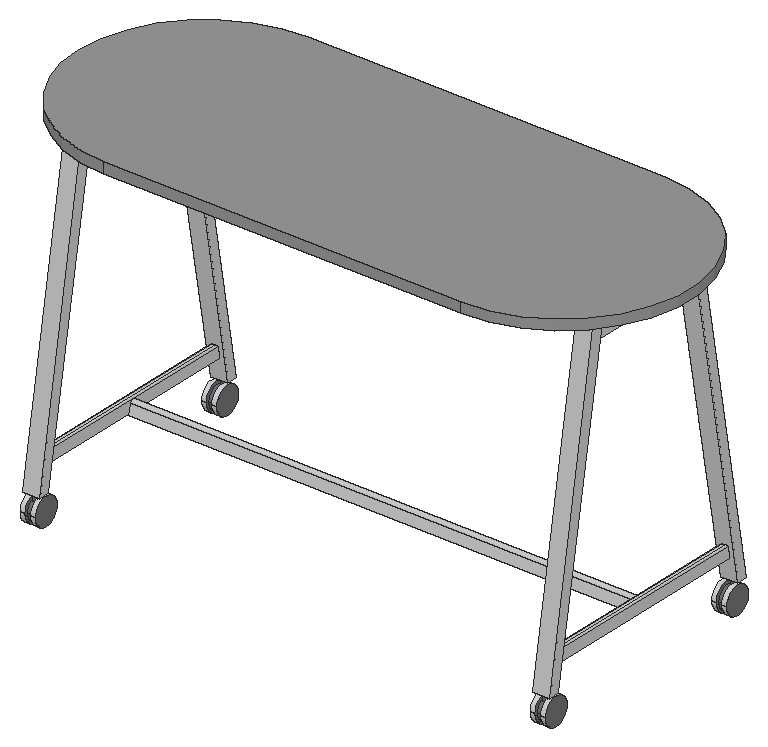
Revit family "Haworth_PopUp_RaceTrack_Table_AP_PRELIMINARY", category Furniture, Revit 2018
Family settings
  OmniClass Number = 23.40.70.14.64.21
  OmniClass Title = Systems Furniture
  Work Plane-Based = No
  Always vertical = Yes
  Cut with Voids When Loaded = No
  Shared = No
  Room Calculation Point = No
Parameters (values of type "1800 x 750 x 1050")
  no Accent Plate [instance] = no
  Warranty = "http://www.haworth.com/resources/product-info/warranties"
  URL - Product = "https://www.haworth.com/ap/en/products/meeting-tables/popup.html"
  Type Comments = ""
  Top Width = if(Depth = 750 mm, 340 mm, if(Depth = 600 mm, 270 mm, 200 mm))  # 340 mm
  Table Radius = Actual Depth / 2  # 375 mm
  Table Finish [instance] = Haworth _ Laminate _ Undecided _ Tables
  Small = Depth < 500 mm  # no
  Plate Depth = Actual Depth - 350 mm  # 400 mm
  Model = "WOPURAXXXX"  # constant formula
  Low = no
  Leg Finish [instance] = Haworth _ Paint _ Undecided _ Table
  Min/Max Height = "915, 1050 mm"  # constant formula
  Large = not(Small)  # yes
  High = not(Low)  # yes
  Glides = not(Casters)  # no
  Foot Rail Finish [instance] = Haworth _ Paint _ Undecided _ Table
  Description = "Haworth - PopUp - RaceTrack Table - AP Wood"  # constant formula
  Width = 1800 mm
  URL = "https://www.haworth.com/ap/en.html"
  Table Thickness = 30 mm  # constant formula
  Support Offset = 150 mm  # constant formula
  Size = "Verify Final Dim. w/ Haworth"  # constant formula
  Revision Number = "1"  # constant formula
  Min/Max Width = "1200, 1400, 1500, 1600, 1800 mm"  # constant formula
  Min/Max Depth = "450, 600, 750 mm"  # constant formula
  Min. Width = 1200 mm  # constant formula
  Max. Width = 1800 mm  # constant formula
  Min. Depth = 450 mm  # constant formula
  Max. Depth = 750 mm  # constant formula
  Manufacturer = "Haworth"  # constant formula
  Leg Height = Actual Height - Table Thickness  # 1020 mm
  Depth = 750 mm
  Custom Size = not(and(or(Depth = 450 mm, Depth = 600 mm, Depth = 750 mm), or(Width = 1200 mm, Width = 1400 mm, Width = 1500 mm, Width = 1600 mm, Width = 1800 mm)))  # no
  Casters = yes
  Caster Finish = Haworth _ Paint _ Metallic Gunmetal
  Bag Hook [instance] = yes
  Author = "Haworth (Alias, Abd Rahman)"  # constant formula
  Assembly Code = "E2020200"
  Actual Width = if(Width < Min. Width, Min. Width, if(Width > Max. Width, Max. Width, Width))  # 1800 mm
  Actual Height = if(Low, 915 mm, 1050 mm)  # 1050 mm
  Actual Depth = if(Depth > Max. Depth, Max. Depth, if(Depth < Min. Depth, Min. Depth, Depth))  # 750 mm
  Accent Plate [instance] = not(or(Depth < 500 mm, no Accent Plate))  # yes
Types (6, lengths in mm): name | no Accent Plate | Top Width | Table Radius | Small | Plate Depth | Low | Large | High | Width | Leg Height | Depth | Actual Width | Actual Height | Actual Depth | Accent Plate
  1800 x 750 x 1050 | no | 340 | 375 | no | 400 | no | yes | yes | 1800 | 1020 | 750 | 1800 | 1050 | 750 | yes
  1200 x 450 x 915 | no | 200 | 225 | yes | 100 | yes | no | no | 1200 | 885 | 450 | 1200 | 915 | 450 | no
  1600 x 600 x 915 | no | 270 | 300 | no | 250 | yes | yes | no | 1600 | 885 | 600 | 1600 | 915 | 600 | yes
  1400 x 600 x 1050 | no | 270 | 300 | no | 250 | no | yes | yes | 1400 | 1020 | 600 | 1400 | 1050 | 600 | yes
  1500 x 450 x 915 | yes | 200 | 225 | yes | 100 | yes | no | no | 1500 | 885 | 450 | 1500 | 915 | 450 | no
  1800 x 450 x 1050 | yes | 200 | 225 | yes | 100 | no | no | yes | 1800 | 1020 | 450 | 1800 | 1050 | 450 | no
Reference planes
  plane 1 "Center F/B": y = 156
  plane 2: z = 0
  plane 3 "Center L/R": x = 140.4
  plane 4 "Table Left": x = -759.6
  plane 5 "Table Right": x = 1040.4
  plane 6 "Table Leg Left": x = -609.6
  plane 7 "Table Leg Right": x = 890.4
  plane 8 "Top": z = 1050
  plane 9 "Table Thick": z = 1020
  plane 10 "Bottom Stand 3": z = 150.812
  plane 11 "Top Stand 3": z = 188.912
  plane 12 "Back": y = 531
  plane 13 "Front": y = -219
  plane 14: y = -184.822
  plane 15: y = 496.822
  plane 16: x = 899.915
  plane 17: x = 880.865
  plane 18: x = -619.115
  plane 19: x = -600.065
  plane 20: y = 131
  plane 21: y = 181
  plane 22: z = 1018.571
  plane 23: x = -671.469
  plane 24: x = -670.453
  plane 25: z = 1005
  plane 26: x = 700.4
  plane 27: x = -419.6
  plane 28: x = 700.4
  plane 29: x = -419.6
Forms (mm)
  Extrusion 1, solid, material "Haworth _ Laminate _ Undecided _ Tables" <- "Table Finish"
    sketch origin (0, 0, 1050) x (-1, 0, 0) y (0, -1, 0)
      loop
        line (383.371, 219) -> (-664.171, 219)
        arc (-664.171, 219) -> (-1039.171, -156) -> (-664.171, -531) r 375
        line (-664.171, -531) -> (383.371, -531)
        arc (383.371, -531) -> (758.371, -156) -> (383.371, 219) r 375
    from 0 to -30
  Extrusion 2, solid, material "Haworth _ Paint _ Undecided _ Table" <- "Foot Rail Finish"
    sketch origin (140.4, 0, 0) x (0, 1, 0) y (0, 0, 1)
      loop
        line (138.855, 150.812) -> (173.145, 150.812) -> (165.749, 178.414)
        arc (165.749, 178.414) -> (156, 185.895) -> (146.251, 178.414) r 10.093
        line (146.251, 178.414) -> (138.855, 150.812)
    from -750 to 750
  Extrusion 3, solid, material "Haworth _ Paint _ Undecided _ Table" <- "Foot Rail Finish"
    sketch origin (0, -219, 0) x (1, 0, 0) y (0, 0, 1)
      loop
        line (880.865, 150.812) -> (899.915, 150.812) -> (899.915, 183.852)
        arc (899.915, 183.852) -> (898.433, 187.43) -> (894.855, 188.912) r 5.06
        line (894.855, 188.912) -> (885.945, 188.912)
        arc (885.945, 188.912) -> (882.353, 187.425) -> (880.865, 183.832) r 5.08
        line (880.865, 183.832) -> (880.865, 150.812)
    from -715.822 to -34.178
  Extrusion 4, solid, material "Haworth _ Paint _ Undecided _ Table" <- "Foot Rail Finish"
    sketch origin (280.8, -219, 0) x (-1, 0, 0) y (0, 0, -1)
      loop
        line (880.865, -150.812) -> (880.865, -183.832)
        arc (880.865, -183.832) -> (882.353, -187.425) -> (885.945, -188.912) r 5.08
        line (885.945, -188.912) -> (894.855, -188.912)
        arc (894.855, -188.912) -> (898.433, -187.43) -> (899.915, -183.852) r 5.06
        line (899.915, -183.852) -> (899.915, -150.812) -> (880.865, -150.812)
    from -715.822 to -34.178
  Extrusion 5, solid, material "Haworth _ Paint _ Undecided _ Table" <- "Leg Finish", visible <- "Bag Hook"
    sketch origin (0, -219, 0) x (1, 0, 0) y (0, 0, 1)
      loop
        line (-706.805, 938.212) -> (-708.163, 937.52) -> (-694.475, 910.657)
        arc (-694.475, 910.657) -> (-680.191, 904.072) -> (-670.453, 916.424) r 12.703
        line (-670.453, 916.424) -> (-670.453, 1020) -> (-711.469, 1020) -> (-711.469, 1018.571) -> (-671.469, 1018.571) -> (-671.469, 916.183)
        arc (-671.469, 916.183) -> (-680.178, 905.136) -> (-692.953, 911.026) r 11.361
        line (-692.953, 911.026) -> (-706.805, 938.212)
    from -400 to -350
Lines and regions (mm)
  Masking region 1
    outline origin (0, 0, 1050) x (-1, 0, 0) y (0, -1, 0)
      loop
        line (-664.171, -531) -> (383.371, -531)
        arc (383.371, -531) -> (758.371, -156) -> (383.371, 219) r 375
        line (383.371, 219) -> (-664.171, 219)
        arc (-664.171, 219) -> (-1039.171, -156) -> (-664.171, -531) r 375
Dimensions and locks
  "Support Offset": plane 4 "Table Left" to plane 6 "Table Leg Left"
  "Support Offset": plane 7 "Table Leg Right" to plane 5 "Table Right"
  "Actual Width": plane 4 "Table Left" to plane 5 "Table Right"
  equal spacing: plane 4 "Table Left", plane 3 "Center L/R", plane 5 "Table Right"
  "Actual Height": plane 8 "Top" to level
  "Table Thickness": plane 8 "Top" to plane 9 "Table Thick"
  equal spacing: plane 13 "Front", plane 1 "Center F/B", plane 12 "Back"
  "Actual Depth": plane 13 "Front" to plane 12 "Back"
  locked: plane 13 "Front" to plane 14 at 34.178
  locked: plane 15 to plane 12 "Back" at 34.178
  plane 17 to plane 7 "Table Leg Right" to plane 16 = 9.535 mm locked, 9.515 mm locked
  plane 19 to plane 6 "Table Leg Left" to plane 18 = 9.535 mm locked, 9.515 mm locked
  equal spacing: plane 21, plane 1 "Center F/B", plane 20, locked at 25 each
  plane 23 to plane 24 to plane 6 "Table Leg Left" = 1.016 mm locked, 60.853 mm locked
  locked: plane 9 "Table Thick" to plane 22 at 1.429
  locked: plane 9 "Table Thick" to plane 25 at 15
  "Top Width": plane 26 to plane 5 "Table Right"
  "Top Width": plane 4 "Table Left" to plane 27
  "Top Width": plane 28 to plane 5 "Table Right"
  "Top Width": plane 4 "Table Left" to plane 29
  "Table Radius": radius of Masking region 1 sketch curve  (x2)
  "Table Radius": radius of Extrusion 1 sketch curve  (x2)
  aligned and locked: plane 9 "Table Thick" to Extrusion 1
  aligned and locked: Extrusion 1 to plane 8 "Top"
  aligned and locked: plane 7 "Table Leg Right" to Extrusion 2
  aligned and locked: Extrusion 2 to plane 6 "Table Leg Left"
  aligned and locked: plane 7 "Table Leg Right" to nested 1
  aligned and locked: plane 13 "Front" to nested 1
  aligned and locked: nested 2 to plane 7 "Table Leg Right"
  aligned and locked: nested 2 to plane 12 "Back"
  aligned and locked: Extrusion 3 to plane 15
  aligned and locked: plane 14 to Extrusion 3
  aligned and locked: plane 6 "Table Leg Left" to nested 3
  aligned and locked: nested 3 to plane 13 "Front"
  aligned and locked: nested 4 to plane 6 "Table Leg Left"
  aligned and locked: plane 12 "Back" to nested 4
  aligned and locked: Extrusion 3 sketch curve to plane 11 "Top Stand 3"
  aligned and locked: Extrusion 3 sketch curve to plane 10 "Bottom Stand 3"
  aligned and locked: Extrusion 3 sketch curve to plane 16
  aligned and locked: Extrusion 3 sketch curve to plane 17
  aligned and locked: Extrusion 4 sketch curve to plane 18
  aligned and locked: Extrusion 4 sketch curve to plane 19
  aligned and locked: plane 11 "Top Stand 3" to Extrusion 4 sketch curve
  aligned and locked: plane 10 "Bottom Stand 3" to Extrusion 4 sketch curve
  aligned and locked: plane 14 to Extrusion 4
  aligned and locked: Extrusion 4 to plane 15
  aligned and locked: Extrusion 5 sketch curve to plane 9 "Table Thick"
  aligned and locked: Extrusion 5 to plane 20
  aligned and locked: Extrusion 5 to plane 21
  aligned and locked: Extrusion 5 sketch curve to plane 24
  aligned and locked: Extrusion 5 sketch curve to plane 23
  aligned and locked: Extrusion 5 sketch curve to plane 22
  aligned and locked: plane 7 "Table Leg Right" to nested 5
  aligned and locked: nested 5 to plane 25
  aligned and locked: nested 5 to plane 1 "Center F/B"
  aligned and locked: plane 6 "Table Leg Left" to nested 6
  aligned and locked: nested 6 to plane 25
  aligned and locked: plane 1 "Center F/B" to nested 6
  aligned and locked: Extrusion 1 sketch curve to plane 13 "Front"
  aligned and locked: Extrusion 1 sketch curve to plane 12 "Back"
Automatic sketch dimensions
  Extrusion 2 sketch curve to plane 10 "Bottom Stand 3" = 0 mm
  Extrusion 2 sketch curve to plane 1 "Center F/B" = 0 mm
  plane 1 "Center F/B" to Extrusion 2 sketch curve = 9.749 mm
  plane 1 "Center F/B" to Extrusion 2 sketch curve = 17.145 mm
  Extrusion 2 sketch curve to plane 1 "Center F/B" = 9.749 mm
  Extrusion 2 sketch curve to plane 1 "Center F/B" = 17.145 mm
  Extrusion 2 sketch curve to plane 11 "Top Stand 3" = 13.111 mm
  Extrusion 2 sketch curve to Extrusion 2 sketch curve = 2.612 mm
  Extrusion 3 sketch curve to plane 7 "Table Leg Right" = 4.455 mm
  plane 7 "Table Leg Right" to Extrusion 3 sketch curve = 4.455 mm
  Extrusion 4 sketch curve to plane 6 "Table Leg Left" = 4.455 mm
  plane 6 "Table Leg Left" to Extrusion 4 sketch curve = 4.455 mm
  Extrusion 5 sketch curve to plane 4 "Table Left" = 51.437 mm
  Extrusion 5 sketch curve to Extrusion 5 sketch curve = 1.358 mm
  Extrusion 5 sketch curve to Extrusion 5 sketch curve = 13.688 mm
  Extrusion 5 sketch curve to Extrusion 5 sketch curve = 1.523 mm
  Extrusion 5 sketch curve to Extrusion 5 sketch curve = 9.796 mm
  Extrusion 5 sketch curve to Extrusion 5 sketch curve = 0.326 mm
  Extrusion 5 sketch curve to Extrusion 5 sketch curve = 40 mm
  Extrusion 5 sketch curve to Extrusion 5 sketch curve = 80.359 mm
  Extrusion 5 sketch curve to Extrusion 5 sketch curve = 0.692 mm
  Extrusion 5 sketch curve to Extrusion 5 sketch curve = 21.788 mm
  Extrusion 5 sketch curve to Extrusion 5 sketch curve = 0.241 mm
  plane 28 to Extrusion 1 sketch curve = 36.229 mm
  plane 29 to Extrusion 1 sketch curve = 36.229 mm
  Masking region 1 sketch curve to plane 12 "Back" = 0 mm
  Masking region 1 sketch curve to plane 26 = 36.229 mm
  Masking region 1 sketch curve to plane 27 = 36.229 mm
Nested families
  nested 1: "Haworth_PopUp-Leg_PART" at (890.4, -3.1, 0), Large Plate Control <- "Small", Small Plate Control <- "Large", type "Leg"
    with Small Plate Control yes, Large Plate Control no, Leg Height 1020 mm
  nested 2: "Haworth_PopUp-Leg_PART" at (890.4, 315.1, 0), Small Plate Control <- "Large", type "Leg"
    with Small Plate Control yes, Large Plate Control no, Leg Height 1020 mm
  nested 3: "Haworth_PopUp-Leg_PART" at (-609.6, -3.1, 0) x (-1, 0, 0) z (0, 0, 1), Large Plate Control <- "Small", Small Plate Control <- "Large", type "Leg"
    with Small Plate Control yes, Large Plate Control no, Leg Height 1020 mm
  nested 4: "Haworth_PopUp-Leg_PART" at (-609.6, 315.1, 0) x (-1, 0, 0) z (0, 0, 1), Small Plate Control <- "Large", type "Leg"
    with Small Plate Control yes, Large Plate Control no, Leg Height 1020 mm
  nested 5: "Haworth_PopUp-AccentPlate_PART" at (890.4, -8.039, 120), visible <- "Accent Plate", type "Accent Plate"
  nested 6: "Haworth_PopUp-AccentPlate_PART" at (-609.6, -8.039, 120) x (-1, 0, 0) z (0, 0, 1), visible <- "Accent Plate", type "Accent Plate"
Definition of nested family "Haworth_PopUp-Leg_PART"
  Parameters (values of type "Leg")
    Warranty = "http://www.haworth.com/resources/product-info/warranties"
    URL - Product = "https://www.haworth.com/products/tables/collaborative/popup"
    URL = "www.haworth.com"
    Table 41h = yes
    Table 36h = no
    Support Thickness = 7.938 mm  # constant formula
    Small Plate Control [instance] = yes
    Revision = "1"  # constant formula
    Model = "Haworth PopUp"  # constant formula
    Manufacturer = "Haworth"  # constant formula
    Leg Height = 1011.238 mm
    Leg Finish = none
    Large Plate Control [instance] = yes
    Glides = no
    Description = "Haworth - PopUp Table - Leg_Part"  # constant formula
    Depth = if(Table 41h, 205.978 mm, 183.753 mm)  # 205.978 mm
    Casters = yes
    Caster Finish = none
    Bottom Leg = if(Casters, 87.313 mm, 25.4 mm)  # 87.313 mm
    Author = "Haworth (Alias, Abd Rahman)"  # constant formula
    Assembly Code = ""
  Reference planes
    plane 1 "Back": y = -9.922
    plane 2: z = 0
    plane 3 "Center (Left/Right)": x = 0
    plane 4 "Top of Leg": z = 1011.237
    plane 5 "Right": x = 25.4
    plane 6 "Left": x = -25.4
    plane 7 "Front": y = -215.9
    plane 8 "Front Stand 1": through (0, -203.978, 76.2) normal (0, -0.9848, 0.1736)
    plane 9 "Back Stand 1": through (0, -174.274, 70.962) normal (0, -0.9848, 0.1736)
    plane 10 "Top of Stand": z = 1003.3
    plane 11 "Back Support": y = 33.413
    plane 12 "Right Support": x = 31.673
    plane 13 "Front Support": y = -68.187
    plane 14 "Left Support": x = -95.327
    plane 15 "Caster Height": z = 87.312
    plane 16 "Front Casters": y = -186.472
    plane 17: y = -199.37
    plane 18: y = 101.327
    plane 19: x = 69.85
    plane 20: x = -70.488
    plane 21: y = -101.873
  Forms (mm)
    Extrusion 1, solid, material <- "Leg Finish"
      sketch origin (-25.4, 0, 0) x (0, -1, 0) y (0, 0, 1)
        loop
          line (202.019, 87.312) -> (40.505, 1003.3) -> (9.877, 1003.3) -> (171.391, 87.312) -> (202.019, 87.312)
      from -50.8 to 0
    Extrusion 2, solid, material <- "Leg Finish", visible <- "Small Plate Control"
      sketch origin (0, 0, 1003.3) x (0, -1, 0) y (1, 0, 0)
        loop
          arc (-33.413, -88.977) -> (-31.553, -93.467) -> (-27.063, -95.327) r 6.35
          line (-27.063, -95.327) -> (61.837, -95.327)
          arc (61.837, -95.327) -> (66.327, -93.467) -> (68.187, -88.977) r 6.35
          line (68.187, -88.977) -> (68.187, 25.323)
          arc (68.187, 25.323) -> (66.327, 29.814) -> (61.837, 31.673) r 6.35
          line (61.837, 31.673) -> (-27.063, 31.673)
          arc (-27.063, 31.673) -> (-31.553, 29.814) -> (-33.413, 25.323) r 6.35
          line (-33.413, 25.323) -> (-33.413, -88.977)
      from 0 to 7.937
    Extrusion 3, solid, visible <- "Glides"
      sketch origin (0, 0, 1003.3) x (0, -1, 0) y (1, 0, 0)
        loop
          circle (199.37, 0) r 12.7
      from -1003.3 to -915.988
    Extrusion 4, solid, material <- "Leg Finish", visible <- "Large Plate Control"
      sketch origin (0, 0, 1003.3) x (0, -1, 0) y (1, 0, 0)
        loop
          arc (-101.327, -64.138) -> (-99.467, -68.628) -> (-94.977, -70.488) r 6.35
          line (-94.977, -70.488) -> (95.523, -70.488)
          arc (95.523, -70.488) -> (100.013, -68.628) -> (101.873, -64.138) r 6.35
          line (101.873, -64.138) -> (101.873, 63.5)
          arc (101.873, 63.5) -> (100.013, 67.99) -> (95.523, 69.85) r 6.35
          line (95.523, 69.85) -> (-94.977, 69.85)
          arc (-94.977, 69.85) -> (-99.467, 67.99) -> (-101.327, 63.5) r 6.35
          line (-101.327, 63.5) -> (-101.327, -64.138)
      from 0 to 7.937
  Lines and regions (mm)
    symbolic lines, detail levels medium+fine
      curve 1: line (-25.4, -215.9, 1003.3) -> (25.4, -215.9, 1003.3)
      curve 2: line (25.4, -215.9, 1003.3) -> (25.4, -9.922, 1003.3)
      curve 3: line (25.4, -9.922, 1003.3) -> (-25.4, -9.922, 1003.3)
      curve 4: line (-25.4, -9.922, 1003.3) -> (-25.4, -215.9, 1003.3)
    symbolic lines, visible <- "Small Plate Control", detail levels medium+fine
      curve 5: line (25.323, 33.413, 1003.3) -> (-88.977, 33.413, 1003.3)
      curve 6: arc (-88.977, 33.413, 1003.3) -> (-93.467, 31.553, 1003.3) -> (-95.327, 27.063, 1003.3) r 6.35
      curve 7: line (-95.327, 27.063, 1003.3) -> (-95.327, -61.837, 1003.3)
      curve 8: arc (-95.327, -61.837, 1003.3) -> (-93.467, -66.327, 1003.3) -> (-88.977, -68.187, 1003.3) r 6.35
      curve 9: line (-88.977, -68.187, 1003.3) -> (25.323, -68.187, 1003.3)
      curve 10: arc (25.323, -68.187, 1003.3) -> (29.814, -66.327, 1003.3) -> (31.673, -61.837, 1003.3) r 6.35
      curve 11: line (31.673, -61.837, 1003.3) -> (31.673, 27.063, 1003.3)
      curve 12: arc (31.673, 27.063, 1003.3) -> (29.814, 31.553, 1003.3) -> (25.323, 33.413, 1003.3) r 6.35
    symbolic lines, visible <- "Large Plate Control", detail levels medium+fine
      curve 13: line (69.85, -95.523, 1003.3) -> (69.85, 94.977, 1003.3)
      curve 14: arc (69.85, 94.977, 1003.3) -> (67.99, 99.467, 1003.3) -> (63.5, 101.327, 1003.3) r 6.35
      curve 15: line (63.5, 101.327, 1003.3) -> (-64.138, 101.327, 1003.3)
      curve 16: arc (-64.138, 101.327, 1003.3) -> (-68.628, 99.467, 1003.3) -> (-70.488, 94.977, 1003.3) r 6.35
      curve 17: line (-70.488, 94.977, 1003.3) -> (-70.488, -95.523, 1003.3)
      curve 18: arc (-70.488, -95.523, 1003.3) -> (-68.628, -100.013, 1003.3) -> (-64.138, -101.873, 1003.3) r 6.35
      curve 19: line (-64.138, -101.873, 1003.3) -> (63.5, -101.873, 1003.3)
      curve 20: arc (63.5, -101.873, 1003.3) -> (67.99, -100.013, 1003.3) -> (69.85, -95.523, 1003.3) r 6.35
  Dimensions and locks
    "Leg Height": plane 4 "Top of Leg" to level
    "Support Thickness": plane 4 "Top of Leg" to plane 10 "Top of Stand"
    "Bottom Leg": plane 15 "Caster Height" to plane 2
    "Depth": plane 7 "Front" to plane 1 "Back"
    aligned and locked: Extrusion 1 sketch curve to plane 9 "Back Stand 1"
    aligned and locked: plane 8 "Front Stand 1" to Extrusion 1 sketch curve
    aligned and locked: plane 10 "Top of Stand" to Extrusion 1 sketch curve
    aligned and locked: plane 5 "Right" to Extrusion 1
    aligned and locked: plane 6 "Left" to Extrusion 1
    aligned and locked: Extrusion 2 to plane 10 "Top of Stand"
    aligned and locked: plane 4 "Top of Leg" to Extrusion 2
    aligned and locked: Extrusion 2 sketch curve to plane 12 "Right Support"
    aligned and locked: Extrusion 2 sketch curve to plane 13 "Front Support"
    aligned and locked: Extrusion 2 sketch curve to plane 14 "Left Support"
    aligned and locked: Extrusion 2 sketch curve to plane 11 "Back Support"
    aligned and locked: Extrusion 1 sketch curve to plane 15 "Caster Height"
    aligned and locked: plane 3 "Center (Left/Right)" to Extrusion 3 sketch curve
    aligned and locked: Extrusion 3 to level
    aligned and locked: plane 15 "Caster Height" to Extrusion 3
    aligned and locked: nested 1 to plane 16 "Front Casters"
    aligned and locked: nested 1 to plane 3 "Center (Left/Right)"
    aligned and locked: plane 17 to Extrusion 3 sketch curve
    aligned and locked: plane 7 "Front" to curve 1
    aligned and locked: plane 5 "Right" to curve 2
    aligned and locked: plane 6 "Left" to curve 4
    aligned and locked: Extrusion 4 sketch curve to plane 19
    aligned and locked: Extrusion 4 sketch curve to plane 18
    aligned and locked: plane 20 to Extrusion 4 sketch curve
    aligned and locked: Extrusion 4 sketch curve to plane 21
    aligned and locked: Extrusion 4 to plane 10 "Top of Stand"
    aligned and locked: plane 4 "Top of Leg" to Extrusion 4
    aligned and locked: curve 7 to Extrusion 2
    aligned and locked: curve 8 to Extrusion 2
    aligned and locked: curve 10 to Extrusion 2
    aligned and locked: curve 12 to Extrusion 2
    aligned and locked: curve 13 to Extrusion 4
    aligned and locked: curve 15 to Extrusion 4
    aligned and locked: curve 17 to Extrusion 4
    aligned and locked: curve 19 to Extrusion 4
  Automatic sketch dimensions
    Extrusion 2 sketch curve to plane 11 "Back Support" = 6.35 mm  (x2)
    Extrusion 2 sketch curve to plane 13 "Front Support" = 6.35 mm  (x2)
    plane 1 "Back" to curve 3 = 0 mm
    Extrusion 4 sketch curve to Extrusion 4 sketch curve = 6.35 mm  (x2)
    Extrusion 4 sketch curve to plane 18 = 6.35 mm
    Extrusion 4 sketch curve to plane 21 = 6.35 mm
    curve 5 to curve 6 = 6.35 mm
    curve 15 to curve 16 = 6.35 mm
    curve 13 to plane 18 = 6.35 mm
    curve 18 to curve 18 = 6.35 mm
    curve 20 to curve 20 = 6.35 mm
    radius of Extrusion 3 sketch curve = 12.7 mm
  Nested families
    nested 1: "Haworth_3in Caster_Part" at (0, -186.472, 0) x (-1, 0, 0) z (0, 0, 1), visible <- "Casters", type "Haworth_3in Caster_Part"
  Definition of nested family "Haworth_3in Caster_Part"
    Parameters (values of type "Haworth_3in Caster_Part")
      Caster Finish = none
      Cart Leg Finish = none
      Assembly Code = ""
    Reference planes
      plane 1 "Center (Front/Back)": y = 0
      plane 2: z = 0
      plane 3 "Center (Left/Right)": x = 0
    Forms (mm)
      Extrusion 1, solid
        sketch origin (0, 0, -0.538) x (0, 1, 0) y (0, 0, 1)
          loop
            circle (-12.369, 40.225) r 39.688
        from 22.225 to 7.938
      Extrusion 2, solid
        sketch origin (0, 0, -0.538) x (0, 1, 0) y (0, 0, 1)
          loop
            circle (-12.369, 40.225) r 39.688
        from -22.225 to -7.938
      Extrusion 3, solid, material <- "Cart Leg Finish"
        sketch origin (0, 0, 0) x (0, 1, 0) y (0, 0, 1)
          loop
            circle (-12.369, 39.687) r 33.338
        from -7.938 to 7.938
      Extrusion 4, solid, material <- "Cart Leg Finish"
        sketch origin (0, 0, 0) x (1, 0, 0) y (0, 1, 0)
          loop
            circle (0, 0) r 6.35
        from 61.913 to 87.313
    Cuts and joins
      joined: Extrusion 3, Extrusion 4
    Dimensions and locks
      plane 3 "Center (Left/Right)" to Extrusion 2 = 7.938 mm
      Extrusion 1 to plane 3 "Center (Left/Right)" = 22.225 mm
Definition of nested family "Haworth_PopUp-AccentPlate_PART"
  Parameters (values of type "Accent Plate")
    Warranty = "http://www.haworth.com/resources/product-info/warranties"
    URL - Product = "https://www.haworth.com/products/tables/collaborative/popup"
    URL = "www.haworth.com"
    Revision = "1"  # constant formula
    Model = "Haworth PopUp"  # constant formula
    Manufacturer = "Haworth"  # constant formula
    Leg Height = 885 mm
    Leg Finish = none
    Description = "Haworth - PopUp Table - Accent Plate - Part"  # constant formula
    Bottom Leg = 87.313 mm
    Author = "Haworth (Abd Rahman)"  # constant formula
    Assembly Code = ""
    Accent Plate Width = 400 mm
  Reference planes
    plane 1: y = -35.961
    plane 2: z = 0
    plane 3 "Center (Left/Right)": x = 0
    plane 4 "Top of Leg": z = 885
    plane 5 "Front Stand 1": through (0, -203.978, 76.2) normal (0, -0.9848, 0.1736)
    plane 6 "Back Stand 1": through (0, -174.274, 70.962) normal (0, -0.9848, 0.1736)
    plane 7 "Left Support": x = -15
    plane 8 "Caster Height": z = 87.312
    plane 9: x = 15
    plane 10: y = 364.039
    plane 11: y = 164.039
    plane 12: z = 825
  Forms (mm)
    Extrusion 1, solid, material <- "Leg Finish"
      sketch origin (-77.377, -13.08, 11.894) x (1, 0, 0) y (0, 0, 1)
        loop
          line (62.377, 813.106) -> (92.377, 813.106) -> (92.377, 868.046)
          arc (92.377, 868.046) -> (90.895, 871.624) -> (87.317, 873.106) r 5.06
          line (87.317, 873.106) -> (67.457, 873.106)
          arc (67.457, 873.106) -> (63.865, 871.618) -> (62.377, 868.026) r 5.08
          line (62.377, 868.026) -> (62.377, 813.106)
      from 22.881 to -377.119
  Lines and regions (mm)
    Masking region 1
      outline origin (0, 0, 877.063) x (0, -1, 0) y (1, 0, 0)
        loop
          line (-364.039, -15) -> (35.961, -15) -> (35.961, 15) -> (-364.039, 15) -> (-364.039, -15)
  Dimensions and locks
    "Leg Height": plane 4 "Top of Leg" to level
    "Bottom Leg": plane 8 "Caster Height" to plane 2
    equal spacing: plane 1, plane 11, plane 10
    "Accent Plate Width": plane 1 to plane 10
    locked: plane 4 "Top of Leg" to plane 12 at 60
    equal spacing: plane 7 "Left Support", plane 3 "Center (Left/Right)", plane 9
    aligned and locked: Extrusion 1 to plane 10
    aligned and locked: plane 1 to Extrusion 1
    aligned and locked: plane 4 "Top of Leg" to Extrusion 1
    aligned and locked: plane 12 to Extrusion 1
    aligned and locked: Masking region 1 sketch curve to plane 1
    aligned and locked: Masking region 1 sketch curve to plane 9
    aligned and locked: Masking region 1 sketch curve to plane 7 "Left Support"
    aligned and locked: plane 10 to Masking region 1 sketch curve
    aligned and locked: plane 9 to Extrusion 1
    aligned and locked: Extrusion 1 to plane 7 "Left Support"
  Automatic sketch dimensions
    Extrusion 1 sketch curve to plane 7 "Left Support" = 0 mm
    Extrusion 1 sketch curve to Extrusion 1 sketch curve = 5.08 mm
    Extrusion 1 sketch curve to plane 7 "Left Support" = 24.94 mm
    Extrusion 1 sketch curve to plane 7 "Left Support" = 30 mm
    Extrusion 1 sketch curve to plane 4 "Top of Leg" = 60 mm
    Extrusion 1 sketch curve to plane 4 "Top of Leg" = 5.08 mm
